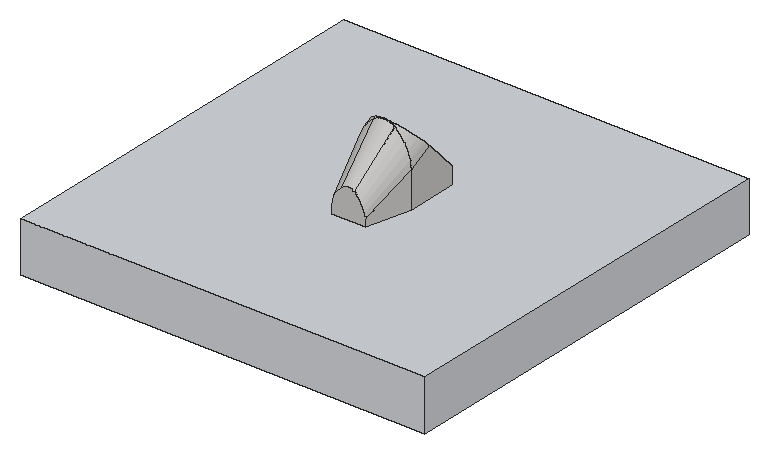
Revit family
Parameters (values of type "8944-T-1")
  Waste Connection = yes
  WFU = 0
  Voltage = 0
  Vent Connection = no
  URL = "http://www.neo-metro.com"
  Type Comments = ""
  Tempered Water Connection = no
  T - Top Supply (Exposed) = yes
  Satin Finish = yes
  Revised Date = "02/11/13"
  Phone# = "626-336-4561"
  Model = "8944-T-1"
  Material = Stainless Steel
  Manufacturer = "Neo-Metro"
  Manual Flush FV0.5-W = no
  HWFU = 0
  HW Connection = no
  Flush Valve By Others = no
  Designed By = "ATS BIM Team"
  Description = "Contour Urinal Top Supply"
  Default Elevation = 20"
  CWFU = 0
  CW Connection = yes
  Assembly Code = "D2010210"
  Amperage = 0
Reference planes (in)
  plane 1 "Center (Front/Back)": y = 0
  plane 2: z = 0
  plane 3 "Center (Left/Right)": x = 0
  plane 4: y = -20
  plane 5: y = 11.875
  plane 6: x = -6.5
  plane 7: x = -4
  plane 8: x = 6.5
  plane 9: x = 4
  plane 10: y = -10.625
  plane 11: z = 17
  plane 12: y = -5
Forms (in)
  Extrusion 1, solid
    sketch origin (0, 0, 0) x (1, 0, 0) y (0, 1, 0)
      loop
        line (-48, 48) -> (-48, -48) -> (48, -48) -> (48, 48) -> (-48, 48)
    from 0 to -12
  Blend 2, solid, material "Stainless Steel" <- "Material"
    base sketch origin (0, -20, 0) x (0, 0, 1) y (1, 0, 0)
      loop
        line (0, 6.5) -> (0, -6.5) -> (8.46091, -6.5)
        arc (8.46091, -6.5) -> (12.76872, -5.28283) -> (16.1867, -2.39212) r 10.57229
        arc (16.1867, -2.39212) -> (17, 0) -> (16.1867, 2.39212) r 3.92457
        arc (16.1867, 2.39212) -> (12.76872, 5.28283) -> (8.46091, 6.5) r 10.57229
        line (8.46091, 6.5) -> (0, 6.5)
    top sketch origin (0, -20, 0) x (0, 0, 1) y (1, 0, 0)
      loop
        line (0, 4) -> (0, -4) -> (1.78508, -4)
        arc (1.78508, -4) -> (4.43604, -3.25097) -> (6.53941, -1.47208) r 6.50603
        arc (6.53941, -1.47208) -> (7.03991, 0) -> (6.53941, 1.47208) r 2.41512
        arc (6.53941, 1.47208) -> (4.43604, 3.25097) -> (1.78508, 4) r 6.50603
        line (1.78508, 4) -> (0, 4)
    from 20 to 9.375
  Blend 3, solid, material "Stainless Steel" <- "Material"
    base sketch origin (0, 0, 0) x (0, 0, 1) y (1, 0, 0)
      loop
        line (0, 6.5) -> (0, -6.5) -> (8.46091, -6.5)
        arc (8.46091, -6.5) -> (12.76872, -5.28283) -> (16.1867, -2.39212) r 10.57229
        arc (16.1867, -2.39212) -> (17, 0) -> (16.1867, 2.39212) r 3.92457
        arc (16.1867, 2.39212) -> (12.76872, 5.28283) -> (8.46091, 6.5) r 10.57229
        line (8.46091, 6.5) -> (0, 6.5)
    top sketch origin (0, 0, 0) x (0, 0, 1) y (1, 0, 0)
      loop
        line (0, 6.5) -> (0, -6.5) -> (14.02106, -6.5)
        arc (14.02106, -6.5) -> (18.32888, -5.28283) -> (21.74685, -2.39212) r 10.57229
        arc (21.74685, -2.39212) -> (22.56015, 0) -> (21.74685, 2.39212) r 3.92457
        arc (21.74685, 2.39212) -> (18.32888, 5.28283) -> (14.02106, 6.5) r 10.57229
        line (14.02106, 6.5) -> (0, 6.5)
    from 0 to 11.875
  Extrusion 4, void
    sketch origin (0, -19.75, 0.25) x (0, 0, 1) y (0, 1, 0)
      loop
        line (3.75, 31.63608) -> (17.49733, 19.0667) -> (26.60984, 19.0667) -> (26.13479, 32.67046) -> (3.75, 32.67046) -> (3.75, 31.63608)
    from -6.5 to 6.5
  Revolve 5, void
    sketch origin (-0.02063, 11.86019, 4.40247) x (0, -0.67559, 0.737277) y (1, 0, 0)
      loop
        line (17.35484, 0.02063) -> (1.80083, 0.02063)
        arc (1.80083, 0.02063) -> (1.83965, -0.89165) -> (1.95949, -1.79687) r 10.25305
        arc (1.95949, -1.79687) -> (3.38167, -4.52343) -> (6.10824, -5.94562) r 5.12652
        arc (6.10824, -5.94562) -> (9.54898, -6.04285) -> (12.86861, -5.13279) r 11.67832
        arc (12.86861, -5.13279) -> (15.6866, -3.05653) -> (17.35484, 0.02063) r 8.03734
      axis (1.80083, 0.02063) -> (17.35484, 0.02063)
    angle from -3.232 to 180
  Revolve 6, solid
    sketch origin (0, -21.4034, 0) x (0, 0, -1) y (0, 1, 0)
      loop
        line (0, 16.4034) -> (0.11064, 16.4034) -> (0.11064, 17.1534) -> (0, 17.1534) -> (0, 16.4034)
      axis (0.11064, 16.4034) -> (0, 16.4034)
    angle from 0 to 360
  Revolve 7, solid, material "Stainless Steel" <- "Material"
    sketch origin (0, -20, 0) x (0, 0, -1) y (0, 1, 0)
      loop
        line (-1.5, 31.875) -> (-1.125, 31.875) -> (-1.125, 31.917) -> (-1.23697, 31.917) -> (-1.23697, 31.97581) -> (-1.3337, 31.97581) -> (-1.3337, 32.04949) -> (-1.5, 32.04949) -> (-1.5, 31.875)
      axis (-1.5, 32.04949) -> (-1.5, 31.875)
    angle from 0 to 360
Cuts and joins
  Extrusion 4, Revolve 5 cuts Blend 2
  Extrusion 4, Revolve 5 cuts Blend 3
  joined: Blend 2, Blend 3, Revolve 7
Lines and regions (in)
  model lines
    curve 1: line (0, -0.5966, 11.1493) -> (0, -4.0966, 11.1493)
    curve 2: arc (0, -4.0966, 11.1493) -> (0, -5.51985, 9.84743) -> (0, -4.34968, 8.31406) r 1.42891
    curve 3: arc (0, -4.34968, 8.31406) -> (0, -3.81354, 8.00501) -> (0, -3.5966, 7.42544) r 0.91527
    curve 4: line (0, -3.5966, 7.42544) -> (0, -3.5966, 0)
Dimensions and locks (in)
  plane 4 to plane 1 "Center (Front/Back)" to plane 5 = 20", 11 7/8"
  plane 5 to plane 10 = 22 1/2"
  plane 6 to plane 8 = 13"
  plane 7 to plane 9 = 8"
  plane 11 to plane 2 = 17"
  plane 4 to plane 12 = 15"
  aligned and locked: plane 2 to Extrusion 1
  aligned and locked: level to Extrusion 1
Connectors (in)
  piping at (0, -5, -0.11064)
    settings: on Revolve 6, index 3
